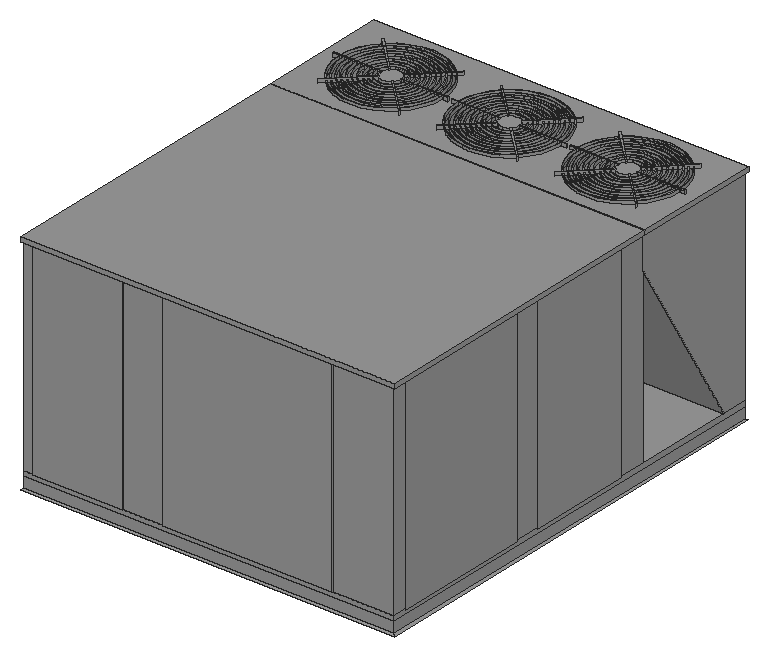
Revit family "RTU-3", category Mechanical Equipment, host Face, Revit 2025
Family settings
  Host = Face
  Round Connector Dimension = Use Diameter
  Classification = None
  Part Type = Normal
  Cut with Voids When Loaded = No
  Maintain Annotation Orientation = Yes
  Shared = No
  Room Calculation Point = No
Parameters (values of type "LCH 156 H4B L 1Y")
  URL = "https://tech.lennoxintl.com/C03e7o14l/VIu12Ch2uV/ehb_lch_cbox_2109.pdf"
  Model = "LCH 156 H4B L 1Y"
  Material = Aluminum 1100-O
  Manufacturer = "LENNOX"
  Grill Material = Steel, Paint Finish, Dark Gray
  Default Elevation = 48"
Reference planes (in)
  plane 1 "Center (Front/Back)": y = 0
  plane 2: z = 0
  plane 3 "Center (Left/Right)": x = 0
  plane 4: z = 53.5625
  plane 5: x = 44.5625
  plane 6: x = -44.5625
  plane 7: y = -52.75
  plane 8: y = 22.0625
  plane 9: z = 45.75
  plane 10: z = 54.625
  plane 11: y = 52.75
  plane 12: y = 46.375
  plane 13: x = -28.53125
  plane 14: y = 37.65625
  plane 15: x = 28.53125
  plane 16: x = 0
  plane 17: x = -12.5
  plane 18: x = 12.5
  plane 19: x = -30.90625
  plane 20: x = -31.90625
  plane 21: x = -32.90625
  plane 22: x = -33.90625
  plane 23: x = -34.90625
  plane 24: x = -35.90625
  plane 25: x = -36.90625
  plane 26: x = -37.90625
  plane 27: x = -38.90625
  plane 28: x = -39.90625
  plane 29: x = -40.90625
  plane 30: x = -42.34375
  plane 31: x = -41.03125
  plane 32: z = 55.25
  plane 33: x = -14.71875
  plane 34: x = -16.03125
  plane 35: through (-28.53125, 37.65625, 55) normal (-0.7071, -0.7071, 0)
  plane 36: through (-28.53125, 37.65625, 55) normal (-0.7071, 0.7071, 0)
  plane 37: through (-28.53125, 37.65625, 55) normal (0.7071, -0.7071, 0)
  plane 38: through (-28.53125, 37.65625, 55) normal (0.7071, 0.7071, 0)
  plane 39: through (-37.25023, 48.4711, 110.75) normal (0.7071, -0.7071, 0)
  plane 40: through (-37.37008, 46.49508, 110.75) normal (-0.7071, 0.7071, 0)
  plane 41: through (-19.81227, 48.4711, 110.75) normal (0.7071, 0.7071, 0)
  plane 42: through (-19.69242, 46.49508, 110.75) normal (-0.7071, -0.7071, 0)
  plane 43: through (-37.25023, 26.8414, 110.75) normal (-0.7071, -0.7071, 0)
  plane 44: through (-37.37008, 28.81742, 110.75) normal (0.7071, 0.7071, 0)
  plane 45: through (-19.81227, 26.8414, 110.75) normal (-0.7071, 0.7071, 0)
  plane 46: through (-19.69242, 28.81742, 110.75) normal (0.7071, -0.7071, 0)
  plane 47: x = -30.90625
  plane 48: x = -31.90625
  plane 49: x = -32.90625
  plane 50: x = -33.90625
  plane 51: x = -34.90625
  plane 52: x = -35.90625
  plane 53: x = -36.90625
  plane 54: x = -37.90625
  plane 55: x = -38.90625
  plane 56: x = -39.90625
  plane 57: x = -40.90625
  plane 58: x = -42.34375
  plane 59: x = -41.03125
  plane 60: x = -14.71875
  plane 61: x = -16.03125
  plane 62: through (-37.25023, 48.4711, 110.75) normal (0.7071, -0.7071, 0)
  plane 63: through (-37.37008, 46.49508, 110.75) normal (-0.7071, 0.7071, 0)
  plane 64: through (-19.81227, 48.4711, 110.75) normal (0.7071, 0.7071, 0)
  plane 65: through (-19.69242, 46.49508, 110.75) normal (-0.7071, -0.7071, 0)
  plane 66: through (-37.25023, 26.8414, 110.75) normal (-0.7071, -0.7071, 0)
  plane 67: through (-37.37008, 28.81742, 110.75) normal (0.7071, 0.7071, 0)
  plane 68: through (-19.81227, 26.8414, 110.75) normal (-0.7071, 0.7071, 0)
  plane 69: through (-19.69242, 28.81742, 110.75) normal (0.7071, -0.7071, 0)
  plane 70: x = -2.375
  plane 71: x = -3.375
  plane 72: x = -4.375
  plane 73: x = -5.375
  plane 74: x = -6.375
  plane 75: x = -7.375
  plane 76: x = -8.375
  plane 77: x = -9.375
  plane 78: x = -10.375
  plane 79: x = -11.375
  plane 80: x = -12.375
  plane 81: x = -13.8125
  plane 82: x = -12.5
  plane 83: x = 13.8125
  plane 84: x = 12.5
  plane 85: through (-8.71898, 48.4711, 110.75) normal (0.7071, -0.7071, 0)
  plane 86: through (-8.83883, 46.49508, 110.75) normal (-0.7071, 0.7071, 0)
  plane 87: through (8.71898, 48.4711, 110.75) normal (0.7071, 0.7071, 0)
  plane 88: through (8.83883, 46.49508, 110.75) normal (-0.7071, -0.7071, 0)
  plane 89: through (-8.71898, 26.8414, 110.75) normal (-0.7071, -0.7071, 0)
  plane 90: through (-8.83883, 28.81742, 110.75) normal (0.7071, 0.7071, 0)
  plane 91: through (8.71898, 26.8414, 110.75) normal (-0.7071, 0.7071, 0)
  plane 92: through (8.83883, 28.81742, 110.75) normal (0.7071, -0.7071, 0)
  plane 93: x = 26.15625
  plane 94: x = 25.15625
  plane 95: x = 24.15625
  plane 96: x = 23.15625
  plane 97: x = 22.15625
  plane 98: x = 21.15625
  plane 99: x = 20.15625
  plane 100: x = 19.15625
  plane 101: x = 18.15625
  plane 102: x = 17.15625
  plane 103: x = 16.15625
  plane 104: x = 14.71875
  plane 105: x = 16.03125
  plane 106: x = 42.34375
  plane 107: x = 41.03125
  plane 108: through (19.81227, 48.4711, 110.75) normal (0.7071, -0.7071, 0)
  plane 109: through (19.69242, 46.49508, 110.75) normal (-0.7071, 0.7071, 0)
  plane 110: through (37.25023, 48.4711, 110.75) normal (0.7071, 0.7071, 0)
  plane 111: through (37.37008, 46.49508, 110.75) normal (-0.7071, -0.7071, 0)
  plane 112: through (19.81227, 26.8414, 110.75) normal (-0.7071, -0.7071, 0)
  plane 113: through (19.69242, 28.81742, 110.75) normal (0.7071, 0.7071, 0)
  plane 114: through (37.25023, 26.8414, 110.75) normal (-0.7071, 0.7071, 0)
  plane 115: through (37.37008, 28.81742, 110.75) normal (0.7071, -0.7071, 0)
Forms (in)
  Extrusion 1, solid, material "Aluminum 1100-O" <- "Material"
    sketch origin (0, 0, 0) x (1, 0, 0) y (0, 1, 0)
      loop
        line (-44.5625, 22.0625) -> (-44.5625, -52.75) -> (44.5625, -52.75) -> (44.5625, 22.0625) -> (-44.5625, 22.0625)
    from 4.125 to 53.5625
  Extrusion 2, solid, material "Aluminum 1100-O" <- "Material"
    sketch origin (0, 0, -50.125) x (1, 0, 0) y (0, 1, 0)
      loop
        line (-44.5625, 52.75) -> (-44.5625, -52.75) -> (44.5625, -52.75) -> (44.5625, 52.75) -> (-44.5625, 52.75)
    from 53.0625 to 54.25
  Extrusion 3, solid, material "Aluminum 1100-O" <- "Material"
    sketch origin (0, 0, -51.3125) x (1, 0, 0) y (0, 1, 0)
      loop
        line (-44.5625, 52.75) -> (-44.5625, -52.75) -> (44.5625, -52.75) -> (44.5625, 52.75) -> (-44.5625, 52.75)
    from 51.6875 to 54.25
  Blend 4, solid, material "Aluminum 1100-O" <- "Material"
    base sketch origin (0, 0, 0) x (1, 0, 0) y (0, 1, 0)
      loop
        line (-45.0625, 53.25) -> (-45.0625, -53.25) -> (45.0625, -53.25) -> (45.0625, 53.25) -> (-45.0625, 53.25)
    top sketch origin (0, 0, 0) x (1, 0, 0) y (0, 1, 0)
      loop
        line (-44.5625, 52.75) -> (-44.5625, -52.75) -> (44.5625, -52.75) -> (44.5625, 52.75) -> (-44.5625, 52.75)
    from 0 to 0.375
  Extrusion 5, solid, material "Aluminum 1100-O" <- "Material"
    sketch origin (0, 0, 0) x (0, 1, 0) y (0, 0, 1)
      loop
        line (22.0625, 45.75) -> (46.375, 4.125) -> (52.75, 4.125) -> (52.75, 53.5625) -> (22.0625, 53.5625) -> (22.0625, 45.75)
    from -44.5625 to 44.5625
  Extrusion 6, solid, material "Aluminum 1100-O" <- "Material"
    sketch origin (0, 0, 0) x (1, 0, 0) y (0, 1, 0)
      loop
        line (-45.0625, 22.0625) -> (-45.0625, -53.25) -> (45.0625, -53.25) -> (45.0625, 22.0625) -> (-45.0625, 22.0625)
    from 53.5625 to 54.625
  Extrusion 7, solid, material "Aluminum 1100-O" <- "Material"
    sketch origin (0, 75.3125, 0) x (1, 0, 0) y (0, 1, 0)
      loop
        line (-45.0625, -22.0625) -> (-45.0625, -53.25) -> (45.0625, -53.25) -> (45.0625, -22.0625) -> (-45.0625, -22.0625)
    from 53.5625 to 54.625
  Extrusion 8, void
    sketch origin (-8.58719, -1.71744, 0) x (1, 0, 0) y (0, 1, 0)
      loop
        circle (8.58719, 39.37369) r 12.5
      loop
        circle (-19.94406, 39.37369) r 12.5
      loop
        circle (37.11844, 39.37369) r 12.5
    from 45.45857 to 54.625
  Extrusion 9, solid, material "Steel, Paint Finish, Dark Gray" <- "Grill Material"
    sketch origin (0, 0, 54.625) x (1, 0, 0) y (0, 1, 0)
      loop
        circle (-28.53125, 37.65625) r 2.375
      loop
        circle (-28.53125, 37.65625) r 3.375
      loop
        circle (-28.53125, 37.65625) r 3.5
      loop
        circle (-28.53125, 37.65625) r 4.375
      loop
        circle (-28.53125, 37.65625) r 5.25
      loop
        circle (-28.53125, 37.65625) r 4.5
      loop
        circle (-28.53125, 37.65625) r 5.375
      loop
        circle (-28.53125, 37.65625) r 6.375
      loop
        circle (-28.53125, 37.65625) r 7.375
      loop
        circle (-28.53125, 37.65625) r 9.375
      loop
        circle (-28.53125, 37.65625) r 10.375
      loop
        circle (-28.53125, 37.65625) r 11.375
      loop
        circle (-28.53125, 37.65625) r 12.375
      loop
        circle (-28.53125, 37.65625) r 12.5
      loop
        circle (-28.53125, 37.65625) r 7.5
      loop
        circle (-28.53125, 37.65625) r 9.5
      loop
        circle (-28.53125, 37.65625) r 10.5
      loop
        circle (-28.53125, 37.65625) r 11.5
      loop
        circle (-28.53125, 37.65625) r 8.375
      loop
        circle (-28.53125, 37.65625) r 8.5
      loop
        circle (-28.53125, 37.65625) r 6.5
    from 0 to 0.625
  Extrusion 10, solid, material "Steel, Paint Finish, Dark Gray" <- "Grill Material"
    sketch origin (0, 0, 55.75) x (1, 0, 0) y (0, 1, 0)
      loop
        line (-42.34375, 37.78125) -> (-42.34375, 37.53125) -> (-30.90296, 37.53125)
        arc (-30.90296, 37.53125) -> (-30.90543, 37.59373) -> (-30.90625, 37.65625) r 2.375
        arc (-30.90625, 37.65625) -> (-30.90543, 37.71877) -> (-30.90296, 37.78125) r 2.375
        line (-30.90296, 37.78125) -> (-42.34375, 37.78125)
    from -1.125 to -0.3427
  Extrusion 11, solid, material "Steel, Paint Finish, Dark Gray" <- "Grill Material"
    sketch origin (-57.0625, 0, 55.75) x (-1, 0, 0) y (0, -1, 0)
      loop
        line (-42.34375, -37.78125) -> (-30.90296, -37.78125)
        arc (-30.90296, -37.78125) -> (-30.90543, -37.71877) -> (-30.90625, -37.65625) r 2.375
        arc (-30.90625, -37.65625) -> (-30.90543, -37.59373) -> (-30.90296, -37.53125) r 2.375
        line (-30.90296, -37.53125) -> (-42.34375, -37.53125) -> (-42.34375, -37.78125)
    from -1.125 to -0.3427
  Extrusion 12, solid, material "Steel, Paint Finish, Dark Gray" <- "Grill Material"
    sketch origin (-34.9836, -9.14538, 55.75) x (0.707107, -0.707107, 0) y (0.707107, 0.707107, 0)
      loop
        line (-42.34375, 37.78125) -> (-42.34375, 37.53125) -> (-30.90296, 37.53125)
        arc (-30.90296, 37.53125) -> (-30.90543, 37.59373) -> (-30.90625, 37.65625) r 2.375
        arc (-30.90625, 37.65625) -> (-30.90543, 37.71877) -> (-30.90296, 37.78125) r 2.375
        line (-30.90296, 37.78125) -> (-42.34375, 37.78125)
    from -1.125 to -0.3427
  Extrusion 13, solid, material "Steel, Paint Finish, Dark Gray" <- "Grill Material"
    sketch origin (-22.0789, -9.14538, 55.75) x (-0.707107, -0.707107, 0) y (0.707107, -0.707107, 0)
      loop
        line (-42.34375, -37.78125) -> (-30.90296, -37.78125)
        arc (-30.90296, -37.78125) -> (-30.90543, -37.71877) -> (-30.90625, -37.65625) r 2.375
        arc (-30.90625, -37.65625) -> (-30.90543, -37.59373) -> (-30.90296, -37.53125) r 2.375
        line (-30.90296, -37.53125) -> (-42.34375, -37.53125) -> (-42.34375, -37.78125)
    from -1.125 to -0.3427
  Extrusion 14, solid, material "Steel, Paint Finish, Dark Gray" <- "Grill Material"
    sketch origin (-34.9836, 84.45788, 55.75) x (0.707107, 0.707107, 0) y (-0.707107, 0.707107, 0)
      loop
        line (-42.34375, -37.78125) -> (-30.90296, -37.78125)
        arc (-30.90296, -37.78125) -> (-30.90543, -37.71877) -> (-30.90625, -37.65625) r 2.375
        arc (-30.90625, -37.65625) -> (-30.90543, -37.59373) -> (-30.90296, -37.53125) r 2.375
        line (-30.90296, -37.53125) -> (-42.34375, -37.53125) -> (-42.34375, -37.78125)
    from -1.125 to -0.3427
  Extrusion 15, solid, material "Steel, Paint Finish, Dark Gray" <- "Grill Material"
    sketch origin (-22.0789, 84.45788, 55.75) x (-0.707107, 0.707107, 0) y (-0.707107, -0.707107, 0)
      loop
        line (-42.34375, 37.78125) -> (-42.34375, 37.53125) -> (-30.90296, 37.53125)
        arc (-30.90296, 37.53125) -> (-30.90543, 37.59373) -> (-30.90625, 37.65625) r 2.375
        arc (-30.90625, 37.65625) -> (-30.90543, 37.71877) -> (-30.90296, 37.78125) r 2.375
        line (-30.90296, 37.78125) -> (-42.34375, 37.78125)
    from -1.125 to -0.3427
  Extrusion 16, solid, material "Steel, Paint Finish, Dark Gray" <- "Grill Material", not visible
    sketch origin (0, 0, 54.625) x (1, 0, 0) y (0, 1, 0)
      loop
        circle (-28.53125, 37.65625) r 2.375
      loop
        circle (-28.53125, 37.65625) r 3.375
      loop
        circle (-28.53125, 37.65625) r 3.5
      loop
        circle (-28.53125, 37.65625) r 4.375
      loop
        circle (-28.53125, 37.65625) r 5.25
      loop
        circle (-28.53125, 37.65625) r 4.5
      loop
        circle (-28.53125, 37.65625) r 5.375
      loop
        circle (-28.53125, 37.65625) r 6.375
      loop
        circle (-28.53125, 37.65625) r 7.375
      loop
        circle (-28.53125, 37.65625) r 9.375
      loop
        circle (-28.53125, 37.65625) r 10.375
      loop
        circle (-28.53125, 37.65625) r 11.375
      loop
        circle (-28.53125, 37.65625) r 12.375
      loop
        circle (-28.53125, 37.65625) r 12.5
      loop
        circle (-28.53125, 37.65625) r 7.5
      loop
        circle (-28.53125, 37.65625) r 9.5
      loop
        circle (-28.53125, 37.65625) r 10.5
      loop
        circle (-28.53125, 37.65625) r 11.5
      loop
        circle (-28.53125, 37.65625) r 8.375
      loop
        circle (-28.53125, 37.65625) r 8.5
      loop
        circle (-28.53125, 37.65625) r 6.5
    from 0 to 0.625
  Extrusion 17, solid, material "Steel, Paint Finish, Dark Gray" <- "Grill Material", not visible
    sketch origin (0, 0, 55.75) x (1, 0, 0) y (0, 1, 0)
      loop
        line (-42.34375, 37.78125) -> (-42.34375, 37.53125) -> (-30.90296, 37.53125)
        arc (-30.90296, 37.53125) -> (-30.90543, 37.59373) -> (-30.90625, 37.65625) r 2.375
        arc (-30.90625, 37.65625) -> (-30.90543, 37.71877) -> (-30.90296, 37.78125) r 2.375
        line (-30.90296, 37.78125) -> (-42.34375, 37.78125)
    from -1.125 to -0.3427
  Extrusion 18, solid, material "Steel, Paint Finish, Dark Gray" <- "Grill Material", not visible
    sketch origin (-57.0625, 0, 55.75) x (-1, 0, 0) y (0, -1, 0)
      loop
        line (-42.34375, -37.78125) -> (-30.90296, -37.78125)
        arc (-30.90296, -37.78125) -> (-30.90543, -37.71877) -> (-30.90625, -37.65625) r 2.375
        arc (-30.90625, -37.65625) -> (-30.90543, -37.59373) -> (-30.90296, -37.53125) r 2.375
        line (-30.90296, -37.53125) -> (-42.34375, -37.53125) -> (-42.34375, -37.78125)
    from -1.125 to -0.3427
  Extrusion 19, solid, material "Steel, Paint Finish, Dark Gray" <- "Grill Material", not visible
    sketch origin (-34.9836, -9.14538, 55.75) x (0.707107, -0.707107, 0) y (0.707107, 0.707107, 0)
      loop
        line (-42.34375, 37.78125) -> (-42.34375, 37.53125) -> (-30.90296, 37.53125)
        arc (-30.90296, 37.53125) -> (-30.90543, 37.59373) -> (-30.90625, 37.65625) r 2.375
        arc (-30.90625, 37.65625) -> (-30.90543, 37.71877) -> (-30.90296, 37.78125) r 2.375
        line (-30.90296, 37.78125) -> (-42.34375, 37.78125)
    from -1.125 to -0.3427
  Extrusion 20, solid, material "Steel, Paint Finish, Dark Gray" <- "Grill Material", not visible
    sketch origin (-22.0789, -9.14538, 55.75) x (-0.707107, -0.707107, 0) y (0.707107, -0.707107, 0)
      loop
        line (-42.34375, -37.78125) -> (-30.90296, -37.78125)
        arc (-30.90296, -37.78125) -> (-30.90543, -37.71877) -> (-30.90625, -37.65625) r 2.375
        arc (-30.90625, -37.65625) -> (-30.90543, -37.59373) -> (-30.90296, -37.53125) r 2.375
        line (-30.90296, -37.53125) -> (-42.34375, -37.53125) -> (-42.34375, -37.78125)
    from -1.125 to -0.3427
  Extrusion 21, solid, material "Steel, Paint Finish, Dark Gray" <- "Grill Material", not visible
    sketch origin (-34.9836, 84.45788, 55.75) x (0.707107, 0.707107, 0) y (-0.707107, 0.707107, 0)
      loop
        line (-42.34375, -37.78125) -> (-30.90296, -37.78125)
        arc (-30.90296, -37.78125) -> (-30.90543, -37.71877) -> (-30.90625, -37.65625) r 2.375
        arc (-30.90625, -37.65625) -> (-30.90543, -37.59373) -> (-30.90296, -37.53125) r 2.375
        line (-30.90296, -37.53125) -> (-42.34375, -37.53125) -> (-42.34375, -37.78125)
    from -1.125 to -0.3427
  Extrusion 22, solid, material "Steel, Paint Finish, Dark Gray" <- "Grill Material", not visible
    sketch origin (-22.0789, 84.45788, 55.75) x (-0.707107, 0.707107, 0) y (-0.707107, -0.707107, 0)
      loop
        line (-42.34375, 37.78125) -> (-42.34375, 37.53125) -> (-30.90296, 37.53125)
        arc (-30.90296, 37.53125) -> (-30.90543, 37.59373) -> (-30.90625, 37.65625) r 2.375
        arc (-30.90625, 37.65625) -> (-30.90543, 37.71877) -> (-30.90296, 37.78125) r 2.375
        line (-30.90296, 37.78125) -> (-42.34375, 37.78125)
    from -1.125 to -0.3427
  Extrusion 23, solid, material "Steel, Paint Finish, Dark Gray" <- "Grill Material"
    sketch origin (28.53125, 0, 54.625) x (1, 0, 0) y (0, 1, 0)
      loop
        circle (-28.53125, 37.65625) r 2.375
      loop
        circle (-28.53125, 37.65625) r 3.375
      loop
        circle (-28.53125, 37.65625) r 3.5
      loop
        circle (-28.53125, 37.65625) r 4.375
      loop
        circle (-28.53125, 37.65625) r 5.25
      loop
        circle (-28.53125, 37.65625) r 4.5
      loop
        circle (-28.53125, 37.65625) r 5.375
      loop
        circle (-28.53125, 37.65625) r 6.375
      loop
        circle (-28.53125, 37.65625) r 7.375
      loop
        circle (-28.53125, 37.65625) r 9.375
      loop
        circle (-28.53125, 37.65625) r 10.375
      loop
        circle (-28.53125, 37.65625) r 11.375
      loop
        circle (-28.53125, 37.65625) r 12.375
      loop
        circle (-28.53125, 37.65625) r 12.5
      loop
        circle (-28.53125, 37.65625) r 7.5
      loop
        circle (-28.53125, 37.65625) r 9.5
      loop
        circle (-28.53125, 37.65625) r 10.5
      loop
        circle (-28.53125, 37.65625) r 11.5
      loop
        circle (-28.53125, 37.65625) r 8.375
      loop
        circle (-28.53125, 37.65625) r 8.5
      loop
        circle (-28.53125, 37.65625) r 6.5
    from 0 to 0.625
  Extrusion 24, solid, material "Steel, Paint Finish, Dark Gray" <- "Grill Material"
    sketch origin (28.53125, 0, 55.75) x (1, 0, 0) y (0, 1, 0)
      loop
        line (-42.34375, 37.78125) -> (-42.34375, 37.53125) -> (-30.90296, 37.53125)
        arc (-30.90296, 37.53125) -> (-30.90543, 37.59373) -> (-30.90625, 37.65625) r 2.375
        arc (-30.90625, 37.65625) -> (-30.90543, 37.71877) -> (-30.90296, 37.78125) r 2.375
        line (-30.90296, 37.78125) -> (-42.34375, 37.78125)
    from -1.125 to -0.3427
  Extrusion 25, solid, material "Steel, Paint Finish, Dark Gray" <- "Grill Material"
    sketch origin (-28.53125, 0, 55.75) x (-1, 0, 0) y (0, -1, 0)
      loop
        line (-42.34375, -37.78125) -> (-30.90296, -37.78125)
        arc (-30.90296, -37.78125) -> (-30.90543, -37.71877) -> (-30.90625, -37.65625) r 2.375
        arc (-30.90625, -37.65625) -> (-30.90543, -37.59373) -> (-30.90296, -37.53125) r 2.375
        line (-30.90296, -37.53125) -> (-42.34375, -37.53125) -> (-42.34375, -37.78125)
    from -1.125 to -0.3427
  Extrusion 26, solid, material "Steel, Paint Finish, Dark Gray" <- "Grill Material"
    sketch origin (-6.45235, -9.14538, 55.75) x (0.707107, -0.707107, 0) y (0.707107, 0.707107, 0)
      loop
        line (-42.34375, 37.78125) -> (-42.34375, 37.53125) -> (-30.90296, 37.53125)
        arc (-30.90296, 37.53125) -> (-30.90543, 37.59373) -> (-30.90625, 37.65625) r 2.375
        arc (-30.90625, 37.65625) -> (-30.90543, 37.71877) -> (-30.90296, 37.78125) r 2.375
        line (-30.90296, 37.78125) -> (-42.34375, 37.78125)
    from -1.125 to -0.3427
  Extrusion 27, solid, material "Steel, Paint Finish, Dark Gray" <- "Grill Material"
    sketch origin (6.45235, -9.14538, 55.75) x (-0.707107, -0.707107, 0) y (0.707107, -0.707107, 0)
      loop
        line (-42.34375, -37.78125) -> (-30.90296, -37.78125)
        arc (-30.90296, -37.78125) -> (-30.90543, -37.71877) -> (-30.90625, -37.65625) r 2.375
        arc (-30.90625, -37.65625) -> (-30.90543, -37.59373) -> (-30.90296, -37.53125) r 2.375
        line (-30.90296, -37.53125) -> (-42.34375, -37.53125) -> (-42.34375, -37.78125)
    from -1.125 to -0.3427
  Extrusion 28, solid, material "Steel, Paint Finish, Dark Gray" <- "Grill Material"
    sketch origin (-6.45235, 84.45788, 55.75) x (0.707107, 0.707107, 0) y (-0.707107, 0.707107, 0)
      loop
        line (-42.34375, -37.78125) -> (-30.90296, -37.78125)
        arc (-30.90296, -37.78125) -> (-30.90543, -37.71877) -> (-30.90625, -37.65625) r 2.375
        arc (-30.90625, -37.65625) -> (-30.90543, -37.59373) -> (-30.90296, -37.53125) r 2.375
        line (-30.90296, -37.53125) -> (-42.34375, -37.53125) -> (-42.34375, -37.78125)
    from -1.125 to -0.3427
  Extrusion 29, solid, material "Steel, Paint Finish, Dark Gray" <- "Grill Material"
    sketch origin (6.45235, 84.45788, 55.75) x (-0.707107, 0.707107, 0) y (-0.707107, -0.707107, 0)
      loop
        line (-42.34375, 37.78125) -> (-42.34375, 37.53125) -> (-30.90296, 37.53125)
        arc (-30.90296, 37.53125) -> (-30.90543, 37.59373) -> (-30.90625, 37.65625) r 2.375
        arc (-30.90625, 37.65625) -> (-30.90543, 37.71877) -> (-30.90296, 37.78125) r 2.375
        line (-30.90296, 37.78125) -> (-42.34375, 37.78125)
    from -1.125 to -0.3427
  Extrusion 30, solid, material "Steel, Paint Finish, Dark Gray" <- "Grill Material"
    sketch origin (57.0625, 0, 54.625) x (1, 0, 0) y (0, 1, 0)
      loop
        circle (-28.53125, 37.65625) r 2.375
      loop
        circle (-28.53125, 37.65625) r 3.375
      loop
        circle (-28.53125, 37.65625) r 3.5
      loop
        circle (-28.53125, 37.65625) r 4.375
      loop
        circle (-28.53125, 37.65625) r 5.25
      loop
        circle (-28.53125, 37.65625) r 4.5
      loop
        circle (-28.53125, 37.65625) r 5.375
      loop
        circle (-28.53125, 37.65625) r 6.375
      loop
        circle (-28.53125, 37.65625) r 7.375
      loop
        circle (-28.53125, 37.65625) r 9.375
      loop
        circle (-28.53125, 37.65625) r 10.375
      loop
        circle (-28.53125, 37.65625) r 11.375
      loop
        circle (-28.53125, 37.65625) r 12.375
      loop
        circle (-28.53125, 37.65625) r 12.5
      loop
        circle (-28.53125, 37.65625) r 7.5
      loop
        circle (-28.53125, 37.65625) r 9.5
      loop
        circle (-28.53125, 37.65625) r 10.5
      loop
        circle (-28.53125, 37.65625) r 11.5
      loop
        circle (-28.53125, 37.65625) r 8.375
      loop
        circle (-28.53125, 37.65625) r 8.5
      loop
        circle (-28.53125, 37.65625) r 6.5
    from 0 to 0.625
  Extrusion 31, solid, material "Steel, Paint Finish, Dark Gray" <- "Grill Material"
    sketch origin (57.0625, 0, 55.75) x (1, 0, 0) y (0, 1, 0)
      loop
        line (-42.34375, 37.78125) -> (-42.34375, 37.53125) -> (-30.90296, 37.53125)
        arc (-30.90296, 37.53125) -> (-30.90543, 37.59373) -> (-30.90625, 37.65625) r 2.375
        arc (-30.90625, 37.65625) -> (-30.90543, 37.71877) -> (-30.90296, 37.78125) r 2.375
        line (-30.90296, 37.78125) -> (-42.34375, 37.78125)
    from -1.125 to -0.3427
  Extrusion 32, solid, material "Steel, Paint Finish, Dark Gray" <- "Grill Material"
    sketch origin (0, 0, 55.75) x (-1, 0, 0) y (0, -1, 0)
      loop
        line (-42.34375, -37.78125) -> (-30.90296, -37.78125)
        arc (-30.90296, -37.78125) -> (-30.90543, -37.71877) -> (-30.90625, -37.65625) r 2.375
        arc (-30.90625, -37.65625) -> (-30.90543, -37.59373) -> (-30.90296, -37.53125) r 2.375
        line (-30.90296, -37.53125) -> (-42.34375, -37.53125) -> (-42.34375, -37.78125)
    from -1.125 to -0.3427
  Extrusion 33, solid, material "Steel, Paint Finish, Dark Gray" <- "Grill Material"
    sketch origin (22.0789, -9.14538, 55.75) x (0.707107, -0.707107, 0) y (0.707107, 0.707107, 0)
      loop
        line (-42.34375, 37.78125) -> (-42.34375, 37.53125) -> (-30.90296, 37.53125)
        arc (-30.90296, 37.53125) -> (-30.90543, 37.59373) -> (-30.90625, 37.65625) r 2.375
        arc (-30.90625, 37.65625) -> (-30.90543, 37.71877) -> (-30.90296, 37.78125) r 2.375
        line (-30.90296, 37.78125) -> (-42.34375, 37.78125)
    from -1.125 to -0.3427
  Extrusion 34, solid, material "Steel, Paint Finish, Dark Gray" <- "Grill Material"
    sketch origin (34.9836, -9.14538, 55.75) x (-0.707107, -0.707107, 0) y (0.707107, -0.707107, 0)
      loop
        line (-42.34375, -37.78125) -> (-30.90296, -37.78125)
        arc (-30.90296, -37.78125) -> (-30.90543, -37.71877) -> (-30.90625, -37.65625) r 2.375
        arc (-30.90625, -37.65625) -> (-30.90543, -37.59373) -> (-30.90296, -37.53125) r 2.375
        line (-30.90296, -37.53125) -> (-42.34375, -37.53125) -> (-42.34375, -37.78125)
    from -1.125 to -0.3427
  Extrusion 35, solid, material "Steel, Paint Finish, Dark Gray" <- "Grill Material"
    sketch origin (22.0789, 84.45788, 55.75) x (0.707107, 0.707107, 0) y (-0.707107, 0.707107, 0)
      loop
        line (-42.34375, -37.78125) -> (-30.90296, -37.78125)
        arc (-30.90296, -37.78125) -> (-30.90543, -37.71877) -> (-30.90625, -37.65625) r 2.375
        arc (-30.90625, -37.65625) -> (-30.90543, -37.59373) -> (-30.90296, -37.53125) r 2.375
        line (-30.90296, -37.53125) -> (-42.34375, -37.53125) -> (-42.34375, -37.78125)
    from -1.125 to -0.3427
  Extrusion 36, solid, material "Steel, Paint Finish, Dark Gray" <- "Grill Material"
    sketch origin (34.9836, 84.45788, 55.75) x (-0.707107, 0.707107, 0) y (-0.707107, -0.707107, 0)
      loop
        line (-42.34375, 37.78125) -> (-42.34375, 37.53125) -> (-30.90296, 37.53125)
        arc (-30.90296, 37.53125) -> (-30.90543, 37.59373) -> (-30.90625, 37.65625) r 2.375
        arc (-30.90625, 37.65625) -> (-30.90543, 37.71877) -> (-30.90296, 37.78125) r 2.375
        line (-30.90296, 37.78125) -> (-42.34375, 37.78125)
    from -1.125 to -0.3427
  Extrusion 37, void
    sketch origin (0, 0, 0) x (1, 0, 0) y (0, 1, 0)
      loop
        line (-40.8125, 19.625) -> (-40.8125, -40.875) -> (-19.44507, -40.875) -> (-19.44507, 19.625) -> (-40.8125, 19.625)
      loop
        line (-1.44507, -12.875) -> (-1.44507, -40.875) -> (18.55493, -40.875) -> (18.55493, -12.875) -> (-1.44507, -12.875)
      loop
        line (-1.44507, 19.625) -> (-1.44507, -8.375) -> (18.55493, -8.375) -> (18.55493, 19.625) -> (-1.44507, 19.625)
      loop
        line (33.0625, -44.25) -> (33.0625, -49.25) -> (41.0625, -49.25) -> (41.0625, -44.25) -> (33.0625, -44.25)
    from 0 to 12
Cuts and joins
  Extrusion 8, Extrusion 37 cuts Extrusion 2
  Extrusion 8, Extrusion 37 cuts Extrusion 3
  Extrusion 8, Extrusion 37 cuts Blend 4
  Extrusion 8 cuts Extrusion 5
  Extrusion 8 cuts Extrusion 7
  Extrusion 37 cuts Extrusion 1
Dimensions and locks (in)
  equal spacing: Extrusion 1 sketch curve, plane 3 "Center (Left/Right)", Extrusion 1 sketch curve
  plane 3 "Center (Left/Right)" to Extrusion 1 sketch curve = 44 9/16"
  Extrusion 1 sketch curve to Extrusion 1 sketch curve = 89 1/8"
  plane 1 "Center (Front/Back)" to Extrusion 1 sketch curve = 52 3/4"
  Extrusion 1 sketch curve to Extrusion 1 sketch curve = 74 13/16"
  plane 4 to plane 2 = 53 9/16"  (x2)
  Extrusion 1 to nested 1 = 3 1/8"  (x2)
  plane 4 to nested 1 = 0"
  nested 1 to nested 2 = 6 3/8"
  plane 2 to plane 4 = 53 9/16"
  Extrusion 2 sketch curve to Extrusion 2 sketch curve = 89 1/8"  (x2)
  Extrusion 2 sketch curve to Extrusion 2 sketch curve = 105 1/2"  (x2)
  Extrusion 3 sketch curve to Extrusion 3 sketch curve = 89 1/8"  (x2)
  Extrusion 3 sketch curve to Extrusion 3 sketch curve = 105 1/2"  (x2)
  plane 6 to Extrusion 1 = 0"
  nested 1 to nested 1 = 33 1/2"
  equal spacing: cut or joined group of Extrusion 7, Extrusion 8, plane 14, cut or joined group of Extrusion 7, Extrusion 8
  equal spacing: plane 6, plane 13, plane 17
  equal spacing: plane 18, plane 15, plane 5
  Extrusion 6 to Extrusion 37 sketch curve = 4 1/4"
  Extrusion 37 sketch curve to Extrusion 6 = 12 3/8"
  Extrusion 37 sketch curve to Extrusion 37 sketch curve = 60 1/2"
  aligned and locked: host face to plane 2
  aligned and locked: host face to level
  aligned and locked: plane 4 to Extrusion 1
  aligned and locked: plane 4 to Extrusion 5
  aligned and locked: Extrusion 6 to plane 4
  aligned and locked: plane 10 to Extrusion 6
Automatic sketch dimensions
  Extrusion 9 sketch curve to Extrusion 9 sketch curve = 0"  (x460)
  Extrusion 10 sketch curve to Extrusion 10 sketch curve = 0"  (x4)
  Extrusion 10 sketch curve to plane 30 = 0"
  Extrusion 11 sketch curve to Extrusion 11 sketch curve = 0"  (x4)
  Extrusion 11 sketch curve to plane 33 = 0"
  Extrusion 12 sketch curve to Extrusion 12 sketch curve = 0"  (x4)
  plane 39 to Extrusion 12 sketch curve = 0"
  Extrusion 13 sketch curve to Extrusion 13 sketch curve = 0"  (x4)
  plane 41 to Extrusion 13 sketch curve = 0"
  Extrusion 14 sketch curve to Extrusion 14 sketch curve = 0"  (x4)
  Extrusion 14 sketch curve to plane 43 = 0"
  Extrusion 15 sketch curve to Extrusion 15 sketch curve = 0"  (x4)
  Extrusion 15 sketch curve to plane 45 = 0"
  Extrusion 9 sketch curve to plane 19 = 2 3/8"
  Extrusion 10 sketch curve to plane 31 = 10.12829"
  Extrusion 10 sketch curve to Extrusion 10 sketch curve = 2.37171"
  Extrusion 10 sketch curve to Extrusion 10 sketch curve = 1/8"
  Extrusion 11 sketch curve to plane 34 = 10.12829"
  Extrusion 11 sketch curve to Extrusion 11 sketch curve = 2.37171"
  Extrusion 11 sketch curve to Extrusion 11 sketch curve = 1/8"
  Extrusion 12 sketch curve to plane 40 = 10.12829"
  Extrusion 12 sketch curve to Extrusion 12 sketch curve = 2.37171"
  Extrusion 12 sketch curve to Extrusion 12 sketch curve = 1/8"
  Extrusion 13 sketch curve to plane 42 = 10.12829"
  Extrusion 13 sketch curve to Extrusion 13 sketch curve = 2.37171"
  Extrusion 13 sketch curve to Extrusion 13 sketch curve = 1/8"
  Extrusion 14 sketch curve to plane 44 = 10.12829"
  Extrusion 14 sketch curve to Extrusion 14 sketch curve = 2.37171"
  Extrusion 14 sketch curve to Extrusion 14 sketch curve = 1/8"
  Extrusion 15 sketch curve to plane 46 = 10.12829"
  Extrusion 15 sketch curve to Extrusion 15 sketch curve = 2.37171"
  Extrusion 15 sketch curve to Extrusion 15 sketch curve = 1/8"
  Extrusion 16 sketch curve to Extrusion 16 sketch curve = 0"  (x460)
  Extrusion 17 sketch curve to Extrusion 17 sketch curve = 0"  (x4)
  Extrusion 17 sketch curve to plane 58 = 0"
  Extrusion 18 sketch curve to Extrusion 18 sketch curve = 0"  (x4)
  Extrusion 18 sketch curve to plane 60 = 0"
  Extrusion 19 sketch curve to Extrusion 19 sketch curve = 0"  (x4)
  plane 62 to Extrusion 19 sketch curve = 0"
  Extrusion 20 sketch curve to Extrusion 20 sketch curve = 0"  (x4)
  plane 64 to Extrusion 20 sketch curve = 0"
  Extrusion 21 sketch curve to Extrusion 21 sketch curve = 0"  (x4)
  Extrusion 21 sketch curve to plane 66 = 0"
  Extrusion 22 sketch curve to Extrusion 22 sketch curve = 0"  (x4)
  Extrusion 22 sketch curve to plane 68 = 0"
  Extrusion 16 sketch curve to plane 47 = 2 3/8"
  Extrusion 17 sketch curve to plane 59 = 10.12829"
  Extrusion 17 sketch curve to Extrusion 17 sketch curve = 2.37171"
  Extrusion 17 sketch curve to Extrusion 17 sketch curve = 1/8"
  Extrusion 18 sketch curve to plane 61 = 10.12829"
  Extrusion 18 sketch curve to Extrusion 18 sketch curve = 2.37171"
  Extrusion 18 sketch curve to Extrusion 18 sketch curve = 1/8"
  Extrusion 19 sketch curve to plane 63 = 10.12829"
  Extrusion 19 sketch curve to Extrusion 19 sketch curve = 2.37171"
  Extrusion 19 sketch curve to Extrusion 19 sketch curve = 1/8"
  Extrusion 20 sketch curve to plane 65 = 10.12829"
  Extrusion 20 sketch curve to Extrusion 20 sketch curve = 2.37171"
  Extrusion 20 sketch curve to Extrusion 20 sketch curve = 1/8"
  Extrusion 21 sketch curve to plane 67 = 10.12829"
  Extrusion 21 sketch curve to Extrusion 21 sketch curve = 2.37171"
  Extrusion 21 sketch curve to Extrusion 21 sketch curve = 1/8"
  Extrusion 22 sketch curve to plane 69 = 10.12829"
  Extrusion 22 sketch curve to Extrusion 22 sketch curve = 2.37171"
  Extrusion 22 sketch curve to Extrusion 22 sketch curve = 1/8"
  Extrusion 23 sketch curve to Extrusion 23 sketch curve = 0"  (x460)
  Extrusion 24 sketch curve to Extrusion 24 sketch curve = 0"  (x4)
  Extrusion 24 sketch curve to plane 81 = 0"
  Extrusion 25 sketch curve to Extrusion 25 sketch curve = 0"  (x4)
  Extrusion 25 sketch curve to plane 83 = 0"
  Extrusion 26 sketch curve to Extrusion 26 sketch curve = 0"  (x4)
  plane 85 to Extrusion 26 sketch curve = 0"
  Extrusion 27 sketch curve to Extrusion 27 sketch curve = 0"  (x4)
  plane 87 to Extrusion 27 sketch curve = 0"
  Extrusion 28 sketch curve to Extrusion 28 sketch curve = 0"  (x4)
  Extrusion 28 sketch curve to plane 89 = 0"
  Extrusion 29 sketch curve to Extrusion 29 sketch curve = 0"  (x4)
  Extrusion 29 sketch curve to plane 91 = 0"
  Extrusion 23 sketch curve to plane 70 = 2 3/8"
  Extrusion 24 sketch curve to plane 82 = 10.12829"
  Extrusion 24 sketch curve to Extrusion 24 sketch curve = 2.37171"
  Extrusion 24 sketch curve to Extrusion 24 sketch curve = 1/8"
  Extrusion 25 sketch curve to plane 84 = 10.12829"
  Extrusion 25 sketch curve to Extrusion 25 sketch curve = 2.37171"
  Extrusion 25 sketch curve to Extrusion 25 sketch curve = 1/8"
  Extrusion 26 sketch curve to plane 86 = 10.12829"
  Extrusion 26 sketch curve to Extrusion 26 sketch curve = 2.37171"
  Extrusion 26 sketch curve to Extrusion 26 sketch curve = 1/8"
  Extrusion 27 sketch curve to plane 88 = 10.12829"
  Extrusion 27 sketch curve to Extrusion 27 sketch curve = 2.37171"
  Extrusion 27 sketch curve to Extrusion 27 sketch curve = 1/8"
  Extrusion 28 sketch curve to plane 90 = 10.12829"
  Extrusion 28 sketch curve to Extrusion 28 sketch curve = 2.37171"
  Extrusion 28 sketch curve to Extrusion 28 sketch curve = 1/8"
  Extrusion 29 sketch curve to plane 92 = 10.12829"
  Extrusion 29 sketch curve to Extrusion 29 sketch curve = 2.37171"
  Extrusion 29 sketch curve to Extrusion 29 sketch curve = 1/8"
  host sketch curve to host sketch curve = 306.31449"
  host sketch curve to host sketch curve = 326.2252"
  Extrusion 2 sketch curve to plane 6 = 0"
  plane 7 to Extrusion 2 sketch curve = 0"
  Extrusion 3 sketch curve to plane 6 = 0"
  plane 7 to Extrusion 3 sketch curve = 0"
  Extrusion 30 sketch curve to Extrusion 30 sketch curve = 0"  (x460)
  Extrusion 31 sketch curve to Extrusion 31 sketch curve = 0"  (x4)
  Extrusion 31 sketch curve to plane 104 = 0"
  Extrusion 32 sketch curve to Extrusion 32 sketch curve = 0"  (x4)
  Extrusion 32 sketch curve to plane 106 = 0"
  Extrusion 33 sketch curve to Extrusion 33 sketch curve = 0"  (x4)
  plane 108 to Extrusion 33 sketch curve = 0"
  Extrusion 34 sketch curve to Extrusion 34 sketch curve = 0"  (x4)
  plane 110 to Extrusion 34 sketch curve = 0"
  Extrusion 35 sketch curve to Extrusion 35 sketch curve = 0"  (x4)
  Extrusion 35 sketch curve to plane 112 = 0"
  Extrusion 36 sketch curve to Extrusion 36 sketch curve = 0"  (x4)
  Extrusion 36 sketch curve to plane 114 = 0"
  Extrusion 30 sketch curve to plane 93 = 2 3/8"
  Extrusion 31 sketch curve to plane 105 = 10.12829"
  Extrusion 31 sketch curve to Extrusion 31 sketch curve = 2.37171"
  Extrusion 31 sketch curve to Extrusion 31 sketch curve = 1/8"
  Extrusion 32 sketch curve to plane 107 = 10.12829"
  Extrusion 32 sketch curve to Extrusion 32 sketch curve = 2.37171"
  Extrusion 32 sketch curve to Extrusion 32 sketch curve = 1/8"
  Extrusion 33 sketch curve to plane 109 = 10.12829"
  Extrusion 33 sketch curve to Extrusion 33 sketch curve = 2.37171"
  Extrusion 33 sketch curve to Extrusion 33 sketch curve = 1/8"
  Extrusion 34 sketch curve to plane 111 = 10.12829"
  Extrusion 34 sketch curve to Extrusion 34 sketch curve = 2.37171"
  Extrusion 34 sketch curve to Extrusion 34 sketch curve = 1/8"
  Extrusion 35 sketch curve to plane 113 = 10.12829"
  Extrusion 35 sketch curve to Extrusion 35 sketch curve = 2.37171"
  Extrusion 35 sketch curve to Extrusion 35 sketch curve = 1/8"
  Extrusion 36 sketch curve to plane 115 = 10.12829"
  Extrusion 36 sketch curve to Extrusion 36 sketch curve = 2.37171"
  Extrusion 36 sketch curve to Extrusion 36 sketch curve = 1/8"
  Blend 4 sketch curve to plane 6 = 1/2"
  plane 5 to Blend 4 sketch curve = 1/2"
  plane 7 to Blend 4 sketch curve = 1/2"
  plane 11 to Blend 4 sketch curve = 1/2"
  Blend 4 sketch curve to plane 6 = 0"
  Blend 4 sketch curve to plane 5 = 0"
  plane 7 to Blend 4 sketch curve = 0"
  Blend 4 sketch curve to plane 11 = 0"
  Extrusion 5 sketch curve to plane 8 = 0"
  Extrusion 5 sketch curve to plane 12 = 0"
  Extrusion 5 sketch curve to plane 4 = 0"
  Extrusion 5 sketch curve to plane 11 = 0"
  Extrusion 5 sketch curve to plane 9 = 0"
  level to Extrusion 5 sketch curve = 4 1/8"
  Extrusion 6 sketch curve to plane 8 = 0"
  Extrusion 6 sketch curve to plane 6 = 1/2"
  plane 5 to Extrusion 6 sketch curve = 1/2"
  plane 7 to Extrusion 6 sketch curve = 1/2"
  Extrusion 7 sketch curve to plane 8 = 0"
  Extrusion 7 sketch curve to plane 6 = 1/2"
  plane 5 to Extrusion 7 sketch curve = 1/2"
  plane 11 to Extrusion 7 sketch curve = 1/2"
  Extrusion 8 sketch curve to plane 13 = 0"
  Extrusion 8 sketch curve to plane 3 "Center (Left/Right)" = 0"
  plane 14 to Extrusion 8 sketch curve = 0"
  Extrusion 8 sketch curve to plane 15 = 0"
  Extrusion 8 sketch curve to plane 14 = 0"  (x2)
  plane 17 to Extrusion 37 sketch curve = 6.94507"
  Extrusion 37 sketch curve to plane 3 "Center (Left/Right)" = 1.44507"  (x2)
  Extrusion 37 sketch curve to plane 8 = 2 7/16"
  Extrusion 37 sketch curve to plane 18 = 6.05493"
  Extrusion 37 sketch curve to Extrusion 37 sketch curve = 0"
  plane 15 to Extrusion 37 sketch curve = 4 17/32"
  Extrusion 37 sketch curve to plane 5 = 3 1/2"
  Extrusion 37 sketch curve to plane 7 = 11 7/8"
  Extrusion 37 sketch curve to plane 7 = 8 1/2"
  Extrusion 37 sketch curve to Extrusion 37 sketch curve = 5"
  plane 1 "Center (Front/Back)" to Extrusion 37 sketch curve = 12 7/8"
  Extrusion 37 sketch curve to Extrusion 37 sketch curve = 4 1/2"
  radius of Extrusion 9 sketch curve = 2 3/8"
  radius of Extrusion 9 sketch curve = 3 3/8"
  radius of Extrusion 9 sketch curve = 3 1/2"
  radius of Extrusion 9 sketch curve = 4 3/8"
  radius of Extrusion 9 sketch curve = 5 1/4"
  radius of Extrusion 9 sketch curve = 4 1/2"
  radius of Extrusion 9 sketch curve = 5 3/8"
  radius of Extrusion 9 sketch curve = 6 3/8"
  radius of Extrusion 9 sketch curve = 7 3/8"
  radius of Extrusion 9 sketch curve = 9 3/8"
  radius of Extrusion 9 sketch curve = 10 3/8"
  radius of Extrusion 9 sketch curve = 11 3/8"
  radius of Extrusion 9 sketch curve = 12 3/8"
  radius of Extrusion 9 sketch curve = 12 1/2"
  radius of Extrusion 9 sketch curve = 7 1/2"
  radius of Extrusion 9 sketch curve = 9 1/2"
  radius of Extrusion 9 sketch curve = 10 1/2"
  radius of Extrusion 9 sketch curve = 11 1/2"
  radius of Extrusion 9 sketch curve = 8 3/8"
  radius of Extrusion 9 sketch curve = 8 1/2"
  radius of Extrusion 9 sketch curve = 6 1/2"
  radius of Extrusion 16 sketch curve = 2 3/8"
  radius of Extrusion 16 sketch curve = 3 3/8"
  radius of Extrusion 16 sketch curve = 3 1/2"
  radius of Extrusion 16 sketch curve = 4 3/8"
  radius of Extrusion 16 sketch curve = 5 1/4"
  radius of Extrusion 16 sketch curve = 4 1/2"
  radius of Extrusion 16 sketch curve = 5 3/8"
  radius of Extrusion 16 sketch curve = 6 3/8"
  radius of Extrusion 16 sketch curve = 7 3/8"
  radius of Extrusion 16 sketch curve = 9 3/8"
  radius of Extrusion 16 sketch curve = 10 3/8"
  radius of Extrusion 16 sketch curve = 11 3/8"
  radius of Extrusion 16 sketch curve = 12 3/8"
  radius of Extrusion 16 sketch curve = 12 1/2"
  radius of Extrusion 16 sketch curve = 7 1/2"
  radius of Extrusion 16 sketch curve = 9 1/2"
  radius of Extrusion 16 sketch curve = 10 1/2"
  radius of Extrusion 16 sketch curve = 11 1/2"
  radius of Extrusion 16 sketch curve = 8 3/8"
  radius of Extrusion 16 sketch curve = 8 1/2"
  radius of Extrusion 16 sketch curve = 6 1/2"
  radius of Extrusion 23 sketch curve = 2 3/8"
  radius of Extrusion 23 sketch curve = 3 3/8"
  radius of Extrusion 23 sketch curve = 3 1/2"
  radius of Extrusion 23 sketch curve = 4 3/8"
  radius of Extrusion 23 sketch curve = 5 1/4"
  radius of Extrusion 23 sketch curve = 4 1/2"
  radius of Extrusion 23 sketch curve = 5 3/8"
  radius of Extrusion 23 sketch curve = 6 3/8"
  radius of Extrusion 23 sketch curve = 7 3/8"
  radius of Extrusion 23 sketch curve = 9 3/8"
  radius of Extrusion 23 sketch curve = 10 3/8"
  radius of Extrusion 23 sketch curve = 11 3/8"
  radius of Extrusion 23 sketch curve = 12 3/8"
  radius of Extrusion 23 sketch curve = 12 1/2"
  radius of Extrusion 23 sketch curve = 7 1/2"
  radius of Extrusion 23 sketch curve = 9 1/2"
  radius of Extrusion 23 sketch curve = 10 1/2"
  radius of Extrusion 23 sketch curve = 11 1/2"
  radius of Extrusion 23 sketch curve = 8 3/8"
  radius of Extrusion 23 sketch curve = 8 1/2"
  radius of Extrusion 23 sketch curve = 6 1/2"
  radius of Extrusion 30 sketch curve = 2 3/8"
  radius of Extrusion 30 sketch curve = 3 3/8"
  radius of Extrusion 30 sketch curve = 3 1/2"
  radius of Extrusion 30 sketch curve = 4 3/8"
  radius of Extrusion 30 sketch curve = 5 1/4"
  radius of Extrusion 30 sketch curve = 4 1/2"
  radius of Extrusion 30 sketch curve = 5 3/8"
  radius of Extrusion 30 sketch curve = 6 3/8"
  radius of Extrusion 30 sketch curve = 7 3/8"
  radius of Extrusion 30 sketch curve = 9 3/8"
  radius of Extrusion 30 sketch curve = 10 3/8"
  radius of Extrusion 30 sketch curve = 11 3/8"
  radius of Extrusion 30 sketch curve = 12 3/8"
  radius of Extrusion 30 sketch curve = 12 1/2"
  radius of Extrusion 30 sketch curve = 7 1/2"
  radius of Extrusion 30 sketch curve = 9 1/2"
  radius of Extrusion 30 sketch curve = 10 1/2"
  radius of Extrusion 30 sketch curve = 11 1/2"
  radius of Extrusion 30 sketch curve = 8 3/8"
  radius of Extrusion 30 sketch curve = 8 1/2"
  radius of Extrusion 30 sketch curve = 6 1/2"
  radius of Extrusion 8 sketch curve = 12 1/2"  (x3)
Nested families (in)
  nested 1: "Panel" at (44.5625, -32.875, 28.84375) x (0, 1, 0) z (1, 0, 0), type "Panel"
    with Width 33 1/2", Length 49 7/16"
  nested 2: "Panel" at (44.5625, 2.6875, 28.84375) x (0, 1, 0) z (1, 0, 0), type "Panel"
    with Width 24 7/8", Length 49 7/16"
  nested 3: "Panel" at (-44.5625, -32.875, 28.84375) x (0, 1, 0) z (-1, 0, 0), type "Panel"
    with Width 33 1/2", Length 49 7/16"
  nested 4: "Panel" at (-44.5625, 2.6875, 28.84375) x (0, 1, 0) z (-1, 0, 0), type "Panel"
    with Width 24 7/8", Length 49 7/16"
  nested 5: "Panel" at (-31.46875, -52.75, 28.84375) x (1, 0, 0) z (0, -1, 0), type "Panel"
    with Width 21 9/16", Length 49 7/16"
  nested 6: "Panel" at (9.46875, -52.75, 28.84375) x (1, 0, 0) z (0, -1, 0), type "Panel"
    with Width 40 11/16", Length 49 7/16"
Definition of nested family "Panel"
  Parameters (values of type "Panel")
    Width [instance] = 21 9/16"
    Material = none
    Length [instance] = 49 7/16"
    Default Elevation = 48"
  Reference planes (in)
    plane 1 "Center (Front/Back)": y = 0
    plane 2: z = 0
    plane 3 "Center (Left/Right)": x = 0
    plane 4: z = 0.25
    plane 5: x = -10.78125
    plane 6: x = 10.78125
    plane 7: y = 24.71875
    plane 8: y = -24.71875
  Forms (in)
    Extrusion 1, solid
      sketch origin (0, 0, 0) x (1, 0, 0) y (0, 1, 0)
        loop
          line (-48, 48) -> (-48, -48) -> (48, -48) -> (48, 48) -> (-48, 48)
      from 0 to -12
    Extrusion 2, solid, material <- "Material"
      sketch origin (0, 0, 0) x (1, 0, 0) y (0, 1, 0)
        loop
          line (-10.78125, 24.71875) -> (-10.78125, -24.71875) -> (10.78125, -24.71875) -> (10.78125, 24.71875) -> (-10.78125, 24.71875)
      from 0 to 0.25
  Dimensions and locks (in)
    plane 4 to plane 2 = 1/4"
    equal spacing: plane 5, plane 3 "Center (Left/Right)", plane 6
    equal spacing: plane 7, plane 1 "Center (Front/Back)", plane 8
    "Length": plane 7 to plane 8
    "Width": plane 5 to plane 6
    aligned and locked: plane 2 to Extrusion 1
    aligned and locked: level to Extrusion 1
    aligned and locked: plane 4 to Extrusion 2
    aligned and locked: Extrusion 2 to plane 6
    aligned and locked: Extrusion 2 to plane 5
    aligned and locked: plane 8 to Extrusion 2
    aligned and locked: plane 7 to Extrusion 2
  Automatic sketch dimensions
    Extrusion 1 sketch curve to Extrusion 1 sketch curve = 96"  (x2)
    plane 5 to Extrusion 2 sketch curve = 0"
    Extrusion 2 sketch curve to plane 6 = 0"
    plane 1 "Center (Front/Back)" to Extrusion 2 sketch curve = 24 23/32"
    Extrusion 2 sketch curve to plane 1 "Center (Front/Back)" = 24 23/32"
